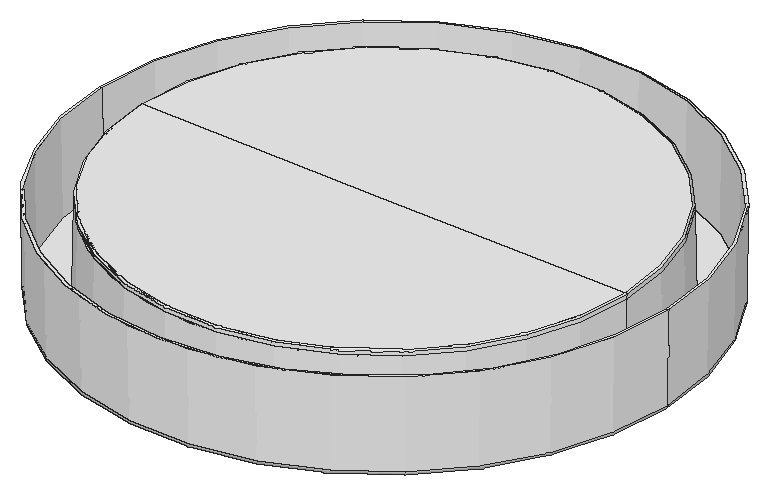
Revit family "Indoor_Wall Lamp_Santa&Cole_Amigo", category Luminarias, Revit 2018
Family settings
  Cota de conector redondo = Diámetro de uso
  Tipo de pieza = Normal
  Número OmniClass = 23.80.70.00
  Título OmniClass = Lighting
  Se basa en plano de trabajo = Sí
  Siempre vertical = No
  Corte con vacíos al cargar = No
  Origen de luz = Sí
  Compartido = No
  Punto de cálculo de habitación = No
Parameters (values of type "Amigo")
  Ángulo de inclinación = 90.00°
  Voltaje (90-305 V) = 220 V
  Wattage = 4.76559 W
  URL = "https://www.santacole.com/en/catalogue/outdoor/amigo"
  Technical Information = "https://www.santacole.com/recursos/productos/downloads/pdf_espec_tecnicas/SC_Amigo_data%20sheet.pdf"
  built-in parameter 1150110 = 1 (stored number, unit not read)
  Modelo = "Amigo"
  Manufacturer website = "https://www.santacole.com"
  Forma visible en renderización = no
  built-in parameter 1114217 = 1 (stored number, unit not read)
  built-in parameter 1150109 = 1 (stored number, unit not read)
  Fabricante = "Santa & Cole"
  Energy Label = "https://www.santacole.com/recursos/productos/downloads/pdf_energy_label/Energy%20Label_AMIGO_LED_no%20Changed_horizontal.pdf"
  Default Elevation = 1219.2 mm
  Emit from Circle Diameter = 347.2 mm
  Designed by = "Gonzalo Milá, Miguel Milá. 2009"
  Contact phone = "+34.938.619.100"
  Contact e-mail = "info@santacole.com"
  built-in parameter 1150134 = (empty or 0)
  built-in parameter 1150113 = 1 (stored number, unit not read)
  Lumens = 707.89 lm
  built-in parameter 1150115 = 1 (stored number, unit not read)
  built-in parameter 1150105 = 56.332 (stored number, unit not read)
  built-in parameter 1150137 = (empty or 0)
  built-in parameter 1150139 = (empty or 0)
  built-in parameter 1150112 = 1 (stored number, unit not read)
  built-in parameter 1150114 = 1 (stored number, unit not read)
  built-in parameter 1150132 = 2
  built-in parameter 1150102 = (empty or 0)
  built-in parameter 1150138 = (empty or 0)
  built-in parameter 1150107 = 2700 (stored number, unit not read)
  built-in parameter 1150106 = 0.56332 (stored number, unit not read)
  built-in parameter 1150104 = 13.8 (stored number, unit not read)
  Code = "AMA21L"
  Carga aparente = 40 VA
  Dimming Lamp Color Temperature Shift = (empty or 0)
  Color Filter = 16777215
  built-in parameter 1114218 = 1 (stored number, unit not read)
  Assembly instructions - UL = "https://www.santacole.com/recursos/productos/downloads/pdf_montaje/Amigo_LED_im_UL.pdf"
  Assembly instructions - CE = "https://www.santacole.com/recursos/productos/downloads/pdf_montaje/Amigo_LED_im.pdf"
  Archivo de red fotométrica = "AMA21L.IES"
  built-in parameter 1150133 = 10 (stored number, unit not read)
Reference planes
  plane 1 "Eje de origen de luz (F/P)": y = 0
  plane 2: z = 0
  plane 3 "Eje de origen de luz (I/D)": x = 0
  plane 4 "Elevación de origen de luz": z = 65.875
Forms (mm)
  Blend 1, solid, not visible
    base sketch origin (36.867, 153.179, 1765.164) x (-0.551937, 0.833886, 0) y (-0.833886, -0.551937, 0)
      loop
        line (-50.966, 0.411) -> (-50.966, -0.489) -> (-50.043, -0.489) -> (-50.043, 0.411) -> (-50.966, 0.411)
    top sketch origin (36.867, 153.179, 1765.164) x (-0.551937, 0.833886, 0) y (-0.833886, -0.551937, 0)
      loop
        line (-47.638, 0.875) -> (-47.638, 1.775) -> (-48.561, 1.775) -> (-48.561, 0.875) -> (-47.638, 0.875)
    from -112.076 to -105.022
  Blend 2, solid, not visible
    base sketch origin (-50.305, 123.446, 1917.584) x (0.96363, 0.267238, 0) y (-0.267238, 0.96363, 0)
      loop
        line (-50.966, 0.411) -> (-50.966, -0.489) -> (-50.043, -0.489) -> (-50.043, 0.411) -> (-50.966, 0.411)
    top sketch origin (-50.305, 123.446, 1917.584) x (0.96363, 0.267238, 0) y (-0.267238, 0.96363, 0)
      loop
        line (-47.638, 0.875) -> (-47.638, 1.775) -> (-48.561, 1.775) -> (-48.561, 0.875) -> (-47.638, 0.875)
    from -112.484 to -105.022
  Sweep 3, solid, not visible
    path origin (294.44, -207.288, 170.345) x (0, -1, 0) y (0, 0, 1)
      loop
        line (-293, 1511.9) -> (-278.776, 1511.9) -> (-221.503, 1484.838)
    profile origin (294.44, 78.6, 1682.245) x (0, 0, 1) y (-1, 0, 0)
      loop
        circle (-1, 330.796) r 1
  Revolve 4, solid, material "Santa & Cole - White Matte Aluminium"
    sketch origin (0, 0, 0) x (1, 0, 0) y (0, 0, 1)
      loop
        line (-205, 65) -> (-203.917, 2.948)
        arc (-203.917, 2.948) -> (-203.054, 0.863) -> (-200.969, 0) r 2.948
        line (-200.969, 0) -> (0, 0) -> (0, 61.5) -> (-174.729, 61.5) -> (-175.777, 1.5) -> (-202.391, 1.5) -> (-203.5, 65) -> (-205, 65)
      axis (0, 65) -> (0, 0)
    angle from 0 to 360
  Revolve 5, solid, material "Santa & Cole - White Matte Aluminium"
    sketch origin (0, 0, 0) x (1, 0, 0) y (0, 0, 1)
      loop
        arc (-173.717, 65) -> (-174.395, 64.722) -> (-174.685, 64.049) r 0.968
        line (-174.685, 64.049) -> (-174.729, 61.5) -> (0, 61.5) -> (0, 65) -> (-173.717, 65)
      axis (0, 65) -> (0, 61.5)
    angle from 0 to 360
Dimensions and locks
  aligned and locked: plane 3 "Eje de origen de luz (I/D)" to imposter light
  aligned and locked: plane 4 "Elevación de origen de luz" to imposter light
  aligned and locked: level to plane 2
Connectors
  electrical at (0, 0, 63.5), driven by "Voltaje (90-305 V)", driven by "Carga aparente"
    settings: on Revolve 4, index 1, voltage 220 V, apparent load 0 VA, apparent load phase1 40 VA, apparent load phase2 0 VA, apparent load phase3 0 VA, power factor 1, load classification "Iluminación", number of poles 1, system type 31, power factor state 1, is connector primary yes, connector utility no, sub classification motor no, connector description ""
